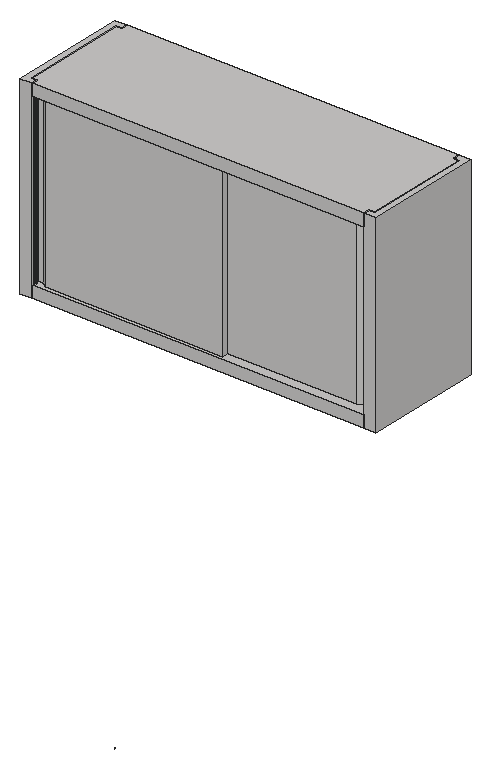
Revit family "QF_ELECTROLUXPROFESSIONAL_134077_GPS1200E", category Attrezzature speciali, Revit 2020
Family settings
  Quota connettore circolare = Usa diametro
  Tipo di parte = Normale
  Basato su piano di lavoro = No
  Sempre verticale = Sì
  Taglio con vuoti quando caricato = No
  Condiviso = No
  Punto di calcolo locali = No
Parameters (values of type "Standard")
  Weight = 33.00 kg
  Watts = 0 W
  Volts = 0 V
  URL Manufacturer = "https://www.electroluxprofessional.com/"
  URL = "https://www.electroluxprofessional.com/"
  Steam Supply Size = 0 mm
  Steam Supply Minimum Pressure = 0.0 Pa
  Steam Supply Maximum Pressure = 0.0 Pa
  Steam Consumption per Hour = 0
  Refrigeration Suction Line Size = 0.0 mm
  Refrigeration Liquid Line Size = 0.0 mm
  Refrigerant Compressor Remote = yes
  Prospetto di default = 0.0 mm
  Phase = 0
  Modello = "GPS1200E"
  Produttore = "Electrolux Professional"
  Length Actual = 1200.0 mm  # constant formula
  Item Number = "134077"
  Hot Water Size = 0 mm
  Height Actual = 650.0 mm  # constant formula
  HP = "0 HP"
  Gas Size = 0 mm
  Gas KW = 0
  Gas Input Pressure = 0 W
  Direct Waste Size = 0 mm
  Descrizione = "WALL CUPBOARD W/2 SLIDING DOORS 1200 MM"
  Depth Actual = 400.0 mm  # constant formula
  Cycle = 0 Hz
  Condensate Return Size = 0 mm
  Compressed Air Volume = 0.0 L/s
  Compressed Air Size = 0 mm
  Compressed Air Pressure = 0.0 Pa
  Cold Water Size = 0 mm
  Accessory = yes
Reference planes
  plane 1 "Center (Front/Back)": y = 0
  plane 2: z = 0
  plane 3 "Center (Left/Right)": x = -300
  plane 4 "LEFT": x = -900
  plane 5 "RIGHT": x = 300
  plane 6 "BACK": y = 200
  plane 7 "FRONT": y = -200
  plane 8 "Base": z = 2200
  plane 9 "BASE": z = 1550
  plane 10: x = -860
  plane 11: x = 260
  plane 12: y = -197
  plane 13: y = 150
  plane 14: y = 197
  plane 15: x = -220
  plane 16: x = -380
Forms (mm)
  Extrusion 1, solid, material "QF_Finishes_Stainless Steel"
    sketch origin (0, 0, 1550) x (-1, 0, 0) y (0, -1, 0)
      loop
        line (900, -200) -> (900, 200) -> (860, 200) -> (860, 178) -> (878, 178) -> (878, -178) -> (860, -178) -> (860, -200) -> (900, -200)
      loop
        line (-260, -200) -> (-260, -178) -> (-278, -178) -> (-278, 178) -> (-260, 178) -> (-260, 200) -> (-300, 200) -> (-300, -200) -> (-260, -200)
    from 0 to 650
  Extrusion 2, solid, material "QF_Finishes_Stainless Steel"
    sketch origin (0, 0, 1550) x (-1, 0, 0) y (0, -1, 0)
      loop
        line (-260, 200) -> (-260, 178) -> (-278, 178) -> (-278, -178) -> (-260, -178) -> (-260, -200) -> (860, -200) -> (860, -178) -> (878, -178) -> (878, 178) -> (860, 178) -> (860, 200) -> (-260, 200)
    from 0 to 40
  Extrusion 3, solid, material "QF_Finishes_Stainless Steel"
    sketch origin (0, 0, 0) x (1, 0, 0) y (0, 1, 0)
      loop
        line (-860, -200) -> (260, -200) -> (260, -178) -> (278, -178) -> (278, 178) -> (260, 178) -> (260, 200) -> (-860, 200) -> (-860, 178) -> (-878, 178) -> (-878, -178) -> (-860, -178) -> (-860, -200)
    from 2160 to 2200
  Extrusion 4, solid, material "QF_Finishes_Stainless Steel"
    sketch origin (0, 0, 0) x (1, 0, 0) y (0, 1, 0)
      loop
        line (-220, -197) -> (-220, -177) -> (-857, -177) -> (-857, -197) -> (-847, -197) -> (-847, -194) -> (-854, -194) -> (-854, -182) -> (-837, -182) -> (-817, -197) -> (-220, -197)
    from 1597 to 2160
  Extrusion 5, solid, material "QF_Finishes_Stainless Steel"
    sketch origin (0, 0, 0) x (1, 0, 0) y (0, 1, 0)
      loop
        line (-380, -177) -> (217, -177) -> (237, -162) -> (254, -162) -> (254, -174) -> (247, -174) -> (247, -177) -> (257, -177) -> (257, -157) -> (-380, -157) -> (-380, -177)
    from 2160 to 1597
  Extrusion 6, solid, material "QF_Finishes_Stainless Steel"
    sketch origin (0, 0, 0) x (1, 0, 0) y (0, 1, 0)
      loop
        line (-273.481, 197) -> (-817, 197) -> (-837, 182) -> (-854, 182) -> (-854, 194) -> (-847, 194) -> (-847, 197) -> (-857, 197) -> (-857, 177) -> (-273.481, 177) -> (-273.481, 197)
    from 1597 to 2160
  Extrusion 7, solid, material "QF_Finishes_Stainless Steel"
    sketch origin (0, 0, 0) x (1, 0, 0) y (0, 1, 0)
      loop
        line (-326.5, 177) -> (-326.5, 157) -> (257, 157) -> (257, 177) -> (247, 177) -> (247, 174) -> (254, 174) -> (254, 162) -> (237, 162) -> (217, 177) -> (-326.5, 177)
    from 2160 to 1597
  Extrusion 8, solid, material "QF_Finishes_Stainless Steel"
    sketch origin (0, 0, 0) x (1, 0, 0) y (0, 1, 0)
      loop
        line (-900, 200) -> (-900, 199) -> (-899, 199) -> (-899, 200) -> (-900, 200)
    from 0 to 1
Lines and regions (mm)
  symbolic lines, style "SpecialityEquipmentHiddenLines"
    curve 1: line (257, -157, 0) -> (-380, -157, 0)
    curve 2: line (-380, -157, 0) -> (-380, -177, 0)
    curve 3: line (217, -177, 0) -> (-857, -177, 0)
    curve 4: line (-220, -177, 0) -> (-220, -197, 0)
    curve 5: line (-857, -177, 0) -> (-857, -197, 0)
    curve 6: line (-837, -182, 0) -> (-854, -182, 0)
    curve 20: line (257, 157, 0) -> (-326.5, 157, 0)
    curve 21: line (-326.5, 157, 0) -> (-326.5, 177, 0)
    curve 22: line (217, 177, 0) -> (-857, 177, 0)
    curve 23: line (-273.5, 177, 0) -> (-273.5, 197, 0)
    curve 24: line (-857, 177, 0) -> (-857, 197, 0)
    curve 39: line (-817, -197, 0) -> (-220, -197, 0)
    curve 40: line (-857, -197, 0) -> (-847, -197, 0)
    curve 41: line (-847, 197, 0) -> (-857, 197, 0)
    curve 42: line (-817, 197, 0) -> (-273.5, 197, 0)
    curve 43: line (-837, 182, 0) -> (-854, 182, 0)
    curve 44: line (-817, 197, 0) -> (-837, 182, 0)
  symbolic lines
    curve 7: line (-900, 200, 0) -> (300, -200, 0)
    curve 8: line (300, 200, 0) -> (-900, -200, 0)
    curve 9: line (-837, -182, 0) -> (-817, -197, 0)
    curve 10: line (-854, -182, 0) -> (-854, -194, 0)
    curve 11: line (-854, -194, 0) -> (-847, -194, 0)
    curve 12: line (-847, -194, 0) -> (-847, -197, 0)
    curve 13: line (257, -157, 0) -> (257, -177, 0)
    curve 14: line (257, -177, 0) -> (247, -177, 0)
    curve 15: line (247, -177, 0) -> (247, -174, 0)
    curve 16: line (247, -174, 0) -> (254, -174, 0)
    curve 17: line (254, -174, 0) -> (254, -162, 0)
    curve 18: line (254, -162, 0) -> (237, -162, 0)
    curve 19: line (217, -177, 0) -> (237, -162, 0)
    curve 25: line (-854, 182, 0) -> (-854, 194, 0)
    curve 26: line (-854, 194, 0) -> (-847, 194, 0)
    curve 27: line (-847, 194, 0) -> (-847, 197, 0)
    curve 28: line (257, 157, 0) -> (257, 177, 0)
    curve 29: line (257, 177, 0) -> (247, 177, 0)
    curve 30: line (247, 177, 0) -> (247, 174, 0)
    curve 31: line (247, 174, 0) -> (254, 174, 0)
    curve 32: line (254, 174, 0) -> (254, 162, 0)
    curve 33: line (254, 162, 0) -> (237, 162, 0)
    curve 34: line (217, 177, 0) -> (237, 162, 0)
    curve 35: line (-900, 200, 0) -> (300, 200, 0)
    curve 36: line (-900, -200, 0) -> (-900, 200, 0)
    curve 37: line (300, -200, 0) -> (-900, -200, 0)
    curve 38: line (300, 200, 0) -> (300, -200, 0)
Dimensions and locks
  plane 4 "LEFT" to plane 5 "RIGHT" = 1200.0 mm
  equal spacing: plane 4 "LEFT", plane 3 "Center (Left/Right)", plane 5 "RIGHT"
  plane 6 "BACK" to plane 7 "FRONT" = 400.0 mm
  equal spacing: plane 6 "BACK", plane 1 "Center (Front/Back)", plane 7 "FRONT"
  plane 9 "BASE" to level = 1550.0 mm
  locked: plane 4 "LEFT" to plane 10 at 40
  locked: plane 11 to plane 5 "RIGHT" at 40
  plane 12 to plane 7 "FRONT" = 3.0 mm
  plane 6 "BACK" to plane 13 = 50.0 mm
  locked: plane 8 "Base" to plane 9 "BASE" at 650
  equal spacing: plane 16, plane 3 "Center (Left/Right)", plane 15
  locked: plane 16 to plane 15 at 160
  aligned and locked: level to plane 2
  aligned and locked: plane 8 "Base" to Extrusion 1
  aligned and locked: plane 6 "BACK" to Extrusion 1 sketch curve
  aligned and locked: Extrusion 1 sketch curve to plane 6 "BACK"
  aligned and locked: plane 7 "FRONT" to Extrusion 1 sketch curve
  aligned and locked: Extrusion 1 sketch curve to plane 7 "FRONT"
  aligned and locked: plane 10 to Extrusion 1
  aligned and locked: Extrusion 1 to plane 11
  aligned and locked: plane 8 "Base" to Extrusion 3
  aligned and locked: Extrusion 3 to plane 7 "FRONT"
  aligned and locked: Extrusion 2 to plane 7 "FRONT"
  aligned and locked: plane 15 to Extrusion 4
  aligned and locked: curve 4 to plane 15
  aligned and locked: plane 16 to Extrusion 5
  aligned and locked: plane 16 to curve 2
  aligned and locked: curve 43 to Extrusion 6
  aligned and locked: curve 44 to Extrusion 6
Automatic sketch dimensions
  Extrusion 1 sketch curve to plane 11 = 0.0 mm  (x2)
  Extrusion 1 sketch curve to plane 4 "LEFT" = 0.0 mm
  Extrusion 4 sketch curve to plane 12 = 0.0 mm  (x2)
  plane 10 to Extrusion 4 sketch curve = 3.0 mm
  Extrusion 4 sketch curve to Extrusion 4 sketch curve = 3.0 mm
  Extrusion 4 sketch curve to Extrusion 4 sketch curve = 7.0 mm
  Extrusion 4 sketch curve to Extrusion 4 sketch curve = 10.0 mm
  plane 3 "Center (Left/Right)" to Extrusion 4 sketch curve = 80.0 mm
  plane 12 to Extrusion 4 sketch curve = 3.0 mm
  Extrusion 4 sketch curve to Extrusion 4 sketch curve = 12.0 mm
  Extrusion 4 sketch curve to Extrusion 4 sketch curve = 20.0 mm  (x2)
  Extrusion 4 sketch curve to Extrusion 4 sketch curve = 0.0 mm
  Extrusion 5 sketch curve to plane 3 "Center (Left/Right)" = 80.0 mm
  plane 12 to Extrusion 5 sketch curve = 20.0 mm  (x2)
  Extrusion 5 sketch curve to plane 11 = 43.0 mm
  Extrusion 5 sketch curve to plane 11 = 23.0 mm
  Extrusion 5 sketch curve to plane 11 = 13.0 mm
  Extrusion 5 sketch curve to plane 11 = 6.0 mm
  Extrusion 5 sketch curve to plane 11 = 3.0 mm
  Extrusion 5 sketch curve to Extrusion 5 sketch curve = 3.0 mm
  Extrusion 5 sketch curve to Extrusion 5 sketch curve = 12.0 mm
  Extrusion 5 sketch curve to Extrusion 5 sketch curve = 20.0 mm
  plane 14 to Extrusion 6 sketch curve = 0.0 mm  (x2)
  Extrusion 6 sketch curve to plane 10 = 3.0 mm
  Extrusion 6 sketch curve to Extrusion 6 sketch curve = 3.0 mm
  Extrusion 6 sketch curve to Extrusion 6 sketch curve = 7.0 mm
  Extrusion 6 sketch curve to Extrusion 6 sketch curve = 10.0 mm
  Extrusion 6 sketch curve to plane 3 "Center (Left/Right)" = 26.519 mm
  Extrusion 6 sketch curve to plane 14 = 3.0 mm
  Extrusion 6 sketch curve to Extrusion 6 sketch curve = 12.0 mm
  Extrusion 6 sketch curve to Extrusion 6 sketch curve = 20.0 mm  (x2)
  Extrusion 6 sketch curve to Extrusion 6 sketch curve = 0.0 mm
  plane 3 "Center (Left/Right)" to Extrusion 7 sketch curve = 26.5 mm
  Extrusion 7 sketch curve to plane 14 = 20.0 mm  (x2)
  plane 11 to Extrusion 7 sketch curve = 43.0 mm
  plane 11 to Extrusion 7 sketch curve = 23.0 mm
  plane 11 to Extrusion 7 sketch curve = 13.0 mm
  plane 11 to Extrusion 7 sketch curve = 6.0 mm
  plane 11 to Extrusion 7 sketch curve = 3.0 mm
  Extrusion 7 sketch curve to Extrusion 7 sketch curve = 3.0 mm
  Extrusion 7 sketch curve to Extrusion 7 sketch curve = 12.0 mm
  plane 13 to Extrusion 7 sketch curve = 7.0 mm
  Extrusion 8 sketch curve to plane 6 "BACK" = 0.0 mm
  Extrusion 8 sketch curve to plane 4 "LEFT" = 0.0 mm
  plane 4 "LEFT" to Extrusion 8 sketch curve = 1.0 mm
  Extrusion 8 sketch curve to plane 6 "BACK" = 1.0 mm
  Extrusion 1 sketch curve to plane 6 "BACK" = 22.0 mm  (x2)
  plane 4 "LEFT" to Extrusion 1 sketch curve = 22.0 mm
  plane 7 "FRONT" to Extrusion 1 sketch curve = 22.0 mm  (x2)
  Extrusion 1 sketch curve to plane 10 = 0.0 mm  (x2)
  plane 11 to Extrusion 1 sketch curve = 18.0 mm
  Extrusion 1 sketch curve to plane 5 "RIGHT" = 0.0 mm
  curve 37 to plane 4 "LEFT" = 0.0 mm
  curve 5 to plane 12 = 0.0 mm
  plane 14 to curve 24 = 0.0 mm
  curve 9 to plane 12 = 0.0 mm
  curve 38 to plane 5 "RIGHT" = 0.0 mm
  curve 7 to plane 7 "FRONT" = 0.0 mm
  curve 7 to plane 6 "BACK" = 0.0 mm
  plane 10 to curve 24 = 3.0 mm
  plane 10 to curve 5 = 3.0 mm
  curve 22 to curve 25 = 3.0 mm
  curve 3 to curve 10 = 3.0 mm
  curve 10 to curve 40 = 7.0 mm
  curve 25 to curve 27 = 7.0 mm
  curve 12 to curve 9 = 30.0 mm
  curve 20 to plane 13 = 7.0 mm
  curve 20 to plane 3 "Center (Left/Right)" = 26.5 mm
  plane 3 "Center (Left/Right)" to curve 23 = 26.5 mm
  plane 12 to curve 3 = 20.0 mm
  curve 3 to plane 11 = 43.0 mm
  curve 34 to plane 11 = 43.0 mm
  curve 34 to plane 11 = 23.0 mm
  curve 18 to plane 11 = 23.0 mm
  curve 14 to plane 11 = 13.0 mm
  curve 29 to plane 11 = 13.0 mm
  curve 32 to plane 11 = 6.0 mm
  curve 17 to plane 11 = 6.0 mm
  curve 29 to plane 11 = 3.0 mm
  curve 13 to plane 11 = 3.0 mm
  curve 12 to curve 12 = 3.0 mm
  curve 6 to curve 3 = 5.0 mm
  plane 12 to curve 13 = 20.0 mm
  curve 14 to curve 16 = 3.0 mm
  curve 15 to curve 19 = 12.0 mm
  curve 2 to curve 2 = 20.0 mm
  curve 20 to curve 33 = 5.0 mm
  curve 32 to curve 31 = 12.0 mm
  curve 31 to curve 28 = 3.0 mm
  plane 14 to curve 26 = 3.0 mm
  curve 11 to curve 6 = 10.0 mm
  Extrusion 3 sketch curve to plane 6 "BACK" = 0.0 mm
  Extrusion 3 sketch curve to plane 10 = 0.0 mm  (x2)
  Extrusion 3 sketch curve to plane 7 "FRONT" = 0.0 mm
  Extrusion 3 sketch curve to plane 11 = 0.0 mm  (x2)
  Extrusion 3 sketch curve to Extrusion 3 sketch curve = 18.0 mm
  plane 11 to Extrusion 3 sketch curve = 18.0 mm
  plane 12 to Extrusion 3 sketch curve = 19.0 mm  (x2)
  plane 14 to Extrusion 3 sketch curve = 19.0 mm  (x2)
  Extrusion 2 sketch curve to plane 11 = 0.0 mm  (x2)
  Extrusion 2 sketch curve to plane 6 "BACK" = 0.0 mm
  Extrusion 2 sketch curve to plane 10 = 0.0 mm  (x2)
  Extrusion 2 sketch curve to plane 7 "FRONT" = 0.0 mm
  plane 11 to Extrusion 2 sketch curve = 18.0 mm
  Extrusion 2 sketch curve to Extrusion 2 sketch curve = 18.0 mm
  plane 14 to Extrusion 2 sketch curve = 19.0 mm  (x2)
  plane 12 to Extrusion 2 sketch curve = 19.0 mm  (x2)
  plane 14 to curve 42 = 0.0 mm
  curve 22 to curve 25 = 5.0 mm
